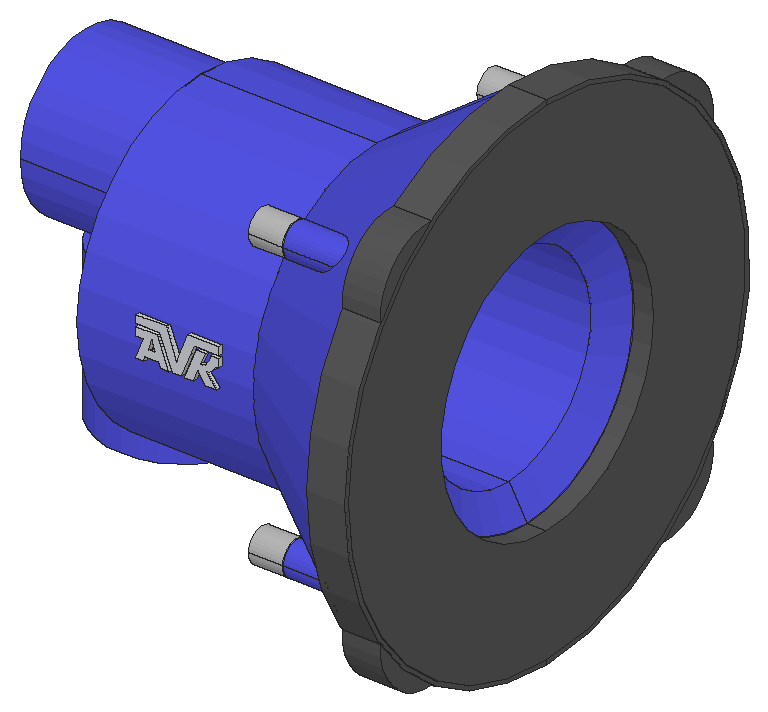
Revit family "634-00-001 DN100-150", category Pipe Accessories, Revit 2022
Family settings
  Round Connector Dimension = Use Diameter
  Part Type = Valve - Breaks Into
  Work Plane-Based = No
  Always vertical = Yes
  Cut with Voids When Loaded = No
  Shared = No
Parameters (values of type "DN100_PN16_AVK ref. no. 634-133-00-016")
  URL product pages = "https://www.avkvalves.com/P.aspx?no=63407100016"
  Thickness = 0 mm
  Search_table = "634-00-001 DN100_150"
  S2 = size_lookup(Search_table, "S2", 0 mm, DN) / 2  # 66.5 mm
  S1 = size_lookup(Search_table, "S1", 0 mm, DN) / 2  # 52 mm
  Radius = size_lookup(Search_table, "Radius", 0 mm, DN)  # 30 mm
  Nut = D2_L * 0.2  # 17 mm
  L1 = L * 0.5  # 57.5 mm
  L-L1 = 40.5 mm  # constant formula
  L = size_lookup(Search_table, "L", 0 mm, DN) / 2  # 115 mm
  FL_T = size_lookup(Search_table, "FL_T", 0 mm, DN)  # 19 mm
  Description_ = "AVK SUPA MAXI™ END CAP, PN16"
  Default Elevation = 0 mm
  DN150_PN16_AVK ref. no. 634-188-00-036 = "634-188-00-036"
  DN150_PN16_AVK ref. no. 634-188-00-016 = "634-188-00-016"
  DN125_PN16_AVK ref. no. 634-161-00-036 = "634-161-00-036"
  DN125_PN16_AVK ref. no. 634-161-00-016 = "634-161-00-016"
  DN100_PN16_AVK ref. no. 634-133-00-036 = "634-133-00-036"
  DN100_PN16_AVK ref. no. 634-133-00-016 = "634-133-00-016"
  DN = 100.1 mm
  D2_L = size_lookup(Search_table, "D2_L", 0 mm, DN)  # 85 mm
  D2 = size_lookup(Search_table, "D2", 0 mm, DN) / 2  # 40.5 mm
  D1_L = size_lookup(Search_table, "D1_L", 0 mm, DN)  # 54 mm
  D12 = Radius * 0.28  # 8.4 mm
  D11 = D * 0.75  # 100.5 mm
  D1 = size_lookup(Search_table, "D1", 0 mm, DN) / 2  # 77 mm
  D-10 = D - 10 mm  # 124 mm
  D = size_lookup(Search_table, "D", 0 mm, DN) / 2  # 134 mm
  Bore = DN / 2  # 50.05 mm
  Bolt_L = D2_L - Nut  # 68 mm
  2 = 2 mm  # constant formula
  10 = 10 mm  # constant formula
Types (7, lengths in mm): name | S2 | S1 | Radius | Nut | L1 | L | DN | D2_L | D1_L | D12 | D11 | D1 | D-10 | D | Bore | Bolt_L
  (no name) | 66.5 | 52 | 30 | 17 | 57.5 | 115 | 100.1 | 85 | 54 | 8.4 | 100.5 | 77 | 124 | 134 | 50.05 | 68
  DN100_PN16_AVK ref. no. 634-133-00-016 | 66.5 | 52 | 30 | 17 | 57.5 | 115 | 100.1 | 85 | 54 | 8.4 | 100.5 | 77 | 124 | 134 | 50.05 | 68
  DN100_PN16_AVK ref. no. 634-133-00-036 | 66.5 | 52 | 30 | 17 | 57.5 | 115 | 100.2 | 85 | 54 | 8.4 | 100.5 | 77 | 124 | 134 | 50.1 | 68
  DN125_PN16_AVK ref. no. 634-161-00-016 | 79.5 | 66 | 29 | 16.2 | 55 | 110 | 125.1 | 81 | 64 | 8.12 | 106.875 | 92 | 132.5 | 142.5 | 62.55 | 64.8
  DN125_PN16_AVK ref. no. 634-161-00-036 | 79.5 | 66 | 29 | 16.2 | 55 | 110 | 125.2 | 81 | 64 | 8.12 | 106.875 | 92 | 132.5 | 142.5 | 62.6 | 64.8
  DN150_PN16_AVK ref. no. 634-188-00-016 | 94 | 79.5 | 32.5 | 17 | 59.5 | 119 | 150.1 | 85 | 64 | 9.1 | 127.5 | 105 | 160 | 170 | 75.05 | 68
  DN150_PN16_AVK ref. no. 634-188-00-036 | 94 | 79.5 | 35.2 | 17 | 59.5 | 119 | 150.2 | 85 | 64 | 9.856 | 127.5 | 105 | 160 | 170 | 75.1 | 68
Reference planes
  plane 1 "Center (Front/Back)": y = 0
  plane 2: z = 0
  plane 3 "Center (Left/Right)": x = 0
  plane 4: x = -115
  plane 5: z = 134
  plane 6: z = -134
  plane 7: z = 50.05
  plane 8: z = -50.05
  plane 9: x = 115
  plane 10: y = 134
  plane 11: y = -134
  plane 12: x = 105
  plane 13: z = 124
  plane 14: x = -57.5
  plane 15: z = 77
  plane 16: x = -77.5
  plane 17: x = -17
  plane 18: x = 30
  plane 19: z = 66.5
  plane 20: z = -66.5
  plane 21: through (4267.2, 0.015, 0.037) normal (0, 0.3827, 0.9239)
  plane 22: through (4267.2, -0.015, 0.037) normal (0, 0.3827, -0.9239)
  plane 23: through (4267.2, 0, 0.044) normal (0, -0.7071, 0.7071)
  plane 24: through (4267.2, 0, 0.044) normal (0, -0.7071, -0.7071)
  plane 25: through (4267.2, -216.462, -26.913) normal (0, -0.7071, 0.7071)
  plane 26: through (4267.2, -26.957, -216.418) normal (0, -0.7071, 0.7071)
Forms (mm)
  Revolve 1, solid, material "Default Roof"
    sketch origin (0, 0, 0) x (1, 0, 0) y (0, 0, 1)
      loop
        line (105, 124) -> (96, 124) -> (30, 77) -> (-57.5, 77) -> (-57.5, 51) -> (96, 51) -> (105, 66.5) -> (105, 124)
      axis (-57.5, 0) -> (105, 0)
    angle from 0 to 360
  Extrusion 2, solid, material "Default Roof"
    sketch origin (0, 0, 0) x (1, 0, 0) y (0, 1, 0)
      loop
        circle (-64.5, 0) r 40.5
    from 0 to -77
  Extrusion 3, solid, material "Default Roof"
    sketch origin (0, 0, 0) x (0, 1, 0) y (0, 0, 1)
      loop
        circle (0, 36.5) r 40.5
    from -115 to -57.5
  Extrusion 4, solid, material "Default Roof"
    sketch origin (115, -1524, 1660.765) x (0, 0, 1) y (0, -1, 0)
      loop
        circle (-1660.765, -1524) r 52
    from -132 to -130
  Extrusion 5, solid, material "Default Wall"
    sketch origin (115, -1524, 1660.765) x (0, 0, 1) y (0, -1, 0)
      loop
        circle (-1660.765, -1524) r 66.5
      loop
        circle (-1660.765, -1524) r 124
    from -19 to 0
  Extrusion 6, solid, material "Default Wall"
    sketch origin (115, -1524, 1660.765) x (0, 0, 1) y (0, -1, 0)
      loop
        arc (-1588.896, -1420.506) -> (-1571.647, -1434.927) -> (-1557.235, -1452.184) r 126
        arc (-1557.235, -1452.184) -> (-1565.967, -1429.249) -> (-1588.896, -1420.506) r 30
      loop
        arc (-1557.235, -1595.816) -> (-1571.647, -1613.073) -> (-1588.896, -1627.494) r 126
        arc (-1588.896, -1627.494) -> (-1565.967, -1618.751) -> (-1557.235, -1595.816) r 30
      loop
        arc (-1764.22, -1452.077) -> (-1749.838, -1434.882) -> (-1732.636, -1420.509) r 126
        arc (-1732.636, -1420.509) -> (-1755.471, -1429.246) -> (-1764.22, -1452.077) r 30
      loop
        arc (-1732.636, -1627.491) -> (-1749.838, -1613.118) -> (-1764.22, -1595.923) r 126
        arc (-1764.22, -1595.923) -> (-1755.471, -1618.754) -> (-1732.636, -1627.491) r 30
    from -19 to 0
  Revolve 7, solid, material "Default Wall"
    sketch origin (0, 0, 0) x (1, 0, 0) y (0, 0, 1)
      loop
        line (96, 126) -> (96, 124) -> (115, 124) -> (115, 126) -> (96, 126)
      axis (96, 0) -> (115, 0)
    angle from 0 to 360
  Extrusion 8, solid, material "Default Roof"
    sketch origin (0, 0, 0) x (0, 1, 0) y (0, 0, 1)
      loop
        circle (71.064, 71.108) r 8.4
      loop
        circle (71.064, -71.108) r 8.4
      loop
        circle (-71.064, 71.108) r 8.4
      loop
        circle (-71.152, -71.108) r 8.4
    from 47 to 96
  Extrusion 9, solid, material "Poche"
    sketch origin (0, 0, 0) x (0, 1, 0) y (0, 0, 1)
      loop
        circle (71.064, 71.108) r 8.4
      loop
        circle (-71.064, 71.108) r 8.4
      loop
        circle (-71.152, -71.108) r 8.4
      loop
        circle (71.064, -71.108) r 8.4
    from 30 to 47
Dimensions and locks
  equal spacing: plane 7, level, plane 8
  equal spacing: plane 5, level, plane 6
  equal spacing: plane 9, plane 3 "Center (Left/Right)", plane 4
  equal spacing: plane 10, plane 1 "Center (Front/Back)", plane 11
  "L": plane 3 "Center (Left/Right)" to plane 4
  "D": plane 5 to level
  "Bore": plane 7 to level
  "D": plane 10 to plane 1 "Center (Front/Back)"
  "10": plane 9 to Revolve 1 sketch curve
  "10": plane 5 to Revolve 1 sketch curve
  "10": plane 5 to plane 13
  "10": plane 9 to plane 12
  "L1": plane 3 "Center (Left/Right)" to plane 14
  "FL_T": plane 9 to Revolve 1 sketch curve  (x2)
  "D1": Revolve 1 sketch curve to level
  "D1": level to Extrusion 2
  "D1": plane 15 to level
  "D2": plane 15 to Extrusion 3 sketch curve
  equal spacing: Extrusion 3 sketch curve, plane 1 "Center (Front/Back)", Extrusion 3 sketch curve
  "10": plane 4 to Extrusion 2 sketch curve
  equal spacing: Extrusion 2 sketch curve, plane 1 "Center (Front/Back)", Extrusion 2 sketch curve
  equal spacing: Extrusion 4 sketch curve, plane 1 "Center (Front/Back)", Extrusion 4 sketch curve
  equal spacing: Extrusion 4 sketch curve, level, Extrusion 4 sketch curve
  "D2": Extrusion 4 to plane 14
  "D2": plane 17 to plane 14
  "2": Extrusion 4 to plane 17
  equal spacing: Extrusion 5 sketch curve, plane 1 "Center (Front/Back)", Extrusion 5 sketch curve  (x2)
  equal spacing: Extrusion 5 sketch curve, level, Extrusion 5 sketch curve
  "10": plane 5 to Extrusion 5 sketch curve
  "FL_T": plane 9 to Extrusion 5
  "FL_T": plane 9 to Extrusion 6
  "2": Revolve 7 sketch curve to plane 13
  "FL_T": plane 9 to Revolve 7 sketch curve
  "FL_T": plane 9 to Extrusion 8
  "D2_L": plane 9 to plane 18
  "D2_L": plane 9 to Revolve 1 sketch curve
  "Nut": Extrusion 8 to plane 18
  "Nut": Extrusion 9 to plane 18
  plane 9 to plane 4 = 230 mm
  plane 5 to level = 134 mm
  "S2": Revolve 1 sketch curve to level
  equal spacing: plane 19, level, plane 20
  "S2": level to plane 20
  plane 19 to plane 20 = 133 mm
  equal spacing: Extrusion 6 sketch curve, plane 24, Extrusion 6 sketch curve  (x2)
  "D": Extrusion 6 sketch curve to plane 23
  equal spacing: Extrusion 6 sketch curve, plane 23, Extrusion 6 sketch curve  (x2)
  "D": Extrusion 6 sketch curve to plane 24
  "D": plane 24 to Extrusion 6 sketch curve
  "D": plane 23 to Extrusion 6 sketch curve
  equal spacing: Extrusion 8 sketch curve, plane 23, Extrusion 8 sketch curve
  "D11": Extrusion 8 sketch curve to plane 24
  equal spacing: Extrusion 8 sketch curve, level, Extrusion 8 sketch curve  (x2)
  equal spacing: Extrusion 8 sketch curve, plane 1 "Center (Front/Back)", Extrusion 8 sketch curve
  equal spacing: plane 25, plane 23, plane 26
  "D": plane 25 to plane 23
  plane 25 to plane 26 = 268 mm  (x2)
  "D2": radius of Extrusion 2 sketch curve
  "D2": radius of Extrusion 3 sketch curve
  "S1": radius of Extrusion 4 sketch curve
  "S2": radius of Extrusion 5 sketch curve
  "D12": radius of Extrusion 8 sketch curve  (x4)
  "Radius": radius of Extrusion 6 sketch curve  (x4)
  aligned and locked: level to plane 2
  aligned and locked: Revolve 1 sketch curve to level
  aligned and locked: Revolve 1 to plane 14
  aligned and locked: Extrusion 2 to level
  aligned and locked: Extrusion 3 to plane 4
  aligned and locked: Extrusion 3 to Revolve 1
  aligned and locked: plane 9 to Extrusion 5
  aligned and locked: plane 9 to Extrusion 6
  aligned and locked: plane 13 to Revolve 7 sketch curve
  aligned and locked: Revolve 7 sketch curve to plane 9
  aligned and locked: Revolve 7 sketch curve to level
  aligned and locked: Extrusion 9 sketch curve to Extrusion 8  (x8)
  aligned and locked: Extrusion 9 to plane 18
  aligned and locked: Extrusion 6 sketch curve to Revolve 7  (x4)
Automatic sketch dimensions
  Revolve 1 sketch curve to plane 14 = 0 mm
  plane 7 to Revolve 1 sketch curve = 0.95 mm
  plane 18 to Revolve 1 sketch curve = 2.524 mm
  plane 9 to Revolve 1 sketch curve = 55 mm
  Extrusion 5 sketch curve to Extrusion 5 sketch curve = 0 mm
  Revolve 7 sketch curve to plane 4 = 150.058 mm
  plane 9 to Revolve 7 sketch curve = 329.942 mm
  Extrusion 8 sketch curve to plane 23 = 0 mm
  Extrusion 8 sketch curve to plane 24 = 0 mm
  plane 10 to Extrusion 8 sketch curve = 62.936 mm
Nested families
  nested 1: "logo small-1 - Copy" at (-6.087, -76.988, 1.346) x (1, 0, 0) z (0, -0.9998, 0.0175), type "logo small-1 - Copy"
Connectors
  piping at (115, 0, 0), diameter 100.1, driven by "DN"
    settings: on Extrusion 5, index 2, connector inside diameter 609.6 mm, connector length 0 mm, flow factor 0, pipe flow 0.0 L/s, pressure drop 0.0 Pa, fitting loss kfactor 0, connector angle 0.00°, fixture units 0, engagement length 0 mm, angle of deflection 0.00°, flow configuration 0, flow direction 0, fitting loss method 0, system type 7, joint type 0, gender type 0, connector reference index -1, connector utility 0, adjustable connector no, is connector primary yes, connector description ""
  piping at (-57.5, 0, 0), diameter 100.1, driven by "DN"
    settings: on Revolve 1, index 3, connector inside diameter 609.6 mm, connector length 0 mm, flow factor 0, pipe flow 0.0 L/s, pressure drop 0.0 Pa, fitting loss kfactor 0, connector angle 0.00°, fixture units 0, engagement length 0 mm, angle of deflection 0.00°, flow configuration 0, flow direction 0, fitting loss method 0, system type 7, joint type 0, gender type 0, connector reference index -1, connector utility 0, adjustable connector no, is connector primary no, connector description ""
Definition of nested family "logo small-1 - Copy"
  Parameters
    Default Elevation = 1219.2 mm
  Reference planes
    plane 1 "Center (Front/Back)": y = 0
    plane 2: z = 0
    plane 3 "Center (Left/Right)": x = 0
  Forms (mm)
    Extrusion 1, solid
      sketch origin (0, 0, 0) x (1, 0, 0) y (0, 1, 0)
        loop
          line (-26.697, 30) -> (-26.697, -20.859) -> (26.519, -20.859) -> (26.519, 30) -> (-26.697, 30)
      from 0 to -304.8
    Extrusion 2, solid
      sketch origin (0, 0, 0) x (1, 0, 0) y (0, 1, 0)
        loop
          line (-20.607, 8.379) -> (-20.607, 4.302) -> (-16.724, 4.302) -> (-20.607, -5.729) -> (-16.724, -5.729) -> (-15.818, -3.389) -> (-9.104, -3.389) -> (-8.117, -5.729) -> (-3.91, -5.729) -> (-9.864, 8.379) -> (-20.607, 8.379)
        loop
          line (-12.518, 5.079) -> (-14.33, 0) -> (-10.641, 0) -> (-12.518, 5.079)
        loop
          line (-8.635, 9.738) -> (-2.292, -5.729) -> (2.173, -5.729) -> (8.451, 9.738) -> (20.488, 9.738) -> (20.488, 13.686) -> (5.312, 13.686) -> (0, 0) -> (-5.463, 13.686) -> (-20.607, 13.686) -> (-20.607, 9.738) -> (-8.635, 9.738)
        loop
          line (20.488, 4.302) -> (20.488, 8.379) -> (16.605, 8.379)
          arc (16.605, 8.379) -> (15.328, 4.717) -> (11.816, 3.072) r 4.995
          line (11.816, 3.072) -> (13.952, 8.379) -> (9.68, 8.379) -> (3.921, -5.729) -> (8.29, -5.729) -> (10.518, -0.27) -> (14.236, -5.729) -> (19.616, -5.729) -> (14.879, 0.432)
          arc (14.879, 0.432) -> (17.563, 1.981) -> (19.616, 4.302) r 9.637
          line (19.616, 4.302) -> (20.488, 4.302)
      from 0 to 2
  Dimensions and locks
    aligned and locked: plane 2 to Extrusion 1
    aligned and locked: level to Extrusion 1
    aligned and locked: Extrusion 2 sketch curve to import instance  (x36)
    aligned and locked: plane 1 "Center (Front/Back)" to Extrusion 2 sketch curve
